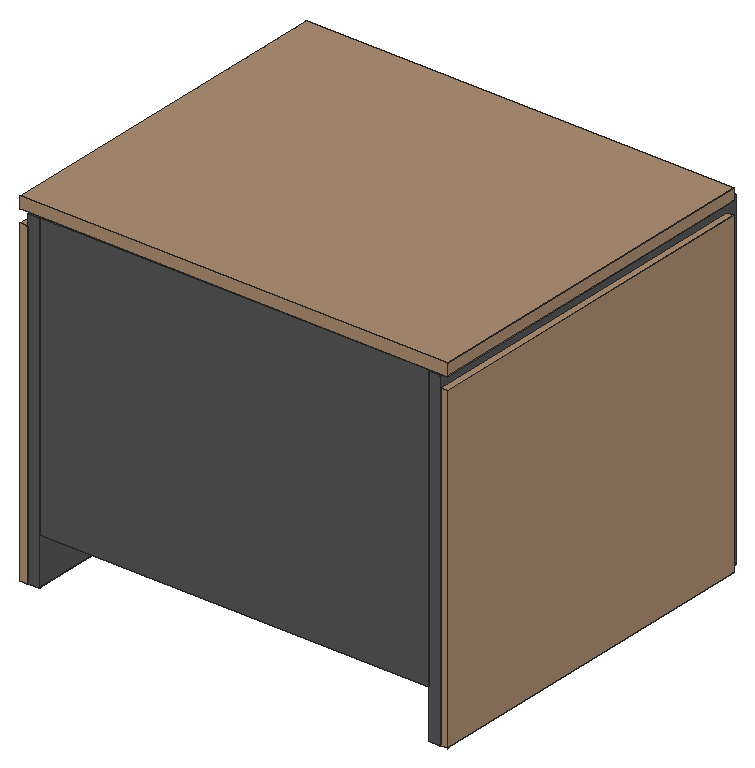
Revit family "Sanitary_Compound-Units_hansgrohe_54253XXX-Xilesa-E-Vanity-unit_580-470_1-drawer_wash-basin", category Furniture, host Face, Revit 2022
Family settings
  Host = Face
  OmniClass Number = 23.21.19.15.33.13
  OmniClass Title = Residential Bathroom Specialty Casework
  Cut with Voids When Loaded = No
  Render Appearance Source = Family Geometry
  Shared = No
  Room Calculation Point = No
Parameters (values of type "550 Cashmere Oak")
  Version = 1  # constant formula
  URL = "https://www.hansgrohe.com/"
  Product data url = "https://www.bimobject.com/en/hansgrohe/product/54253XXX"
  Product Page URL = "https://www.hansgrohe.com/articledetail--54253550"
  Model = "54253XXX"  # constant formula
  Material 3 = Hansgrohe - Metal - Black
  Material 2 = Hansgrohe - MDF - Matt Black
  Material 1 = Hansgrohe - MDF - 550 Cashmere Oak
  Manufacturer = "Hansgrohe"  # constant formula
  Height = 0 mm
  Description = "Xilesa E Vanity unit 580/470 with 1 drawer for wash basin"  # constant formula
  Default Elevation = 0 mm
  Date Updated = ""
  Date Created = "2024/02/03"  # constant formula
Types (5, lengths in mm): name | Material 1
  (no name) | Hansgrohe - MDF - 550 Cashmere Oak
  550 Cashmere Oak | Hansgrohe - MDF - 550 Cashmere Oak
  700 Matt White | Hansgrohe - MDF - 700 Matt White
  760 Slate Matt Grey | Hansgrohe - MDF - 760 Slate Matt Grey
  780 Sand Matt Beige | Hansgrohe - MDF - 780 Sand Matt Beige
Reference planes
  plane 1 "Center (Front/Back)": y = 0
  plane 2: z = 0
  plane 3 "Center (Left/Right)": x = 0
  plane 4: x = -290
  plane 5: x = 290
  plane 6: y = -500
  plane 7: z = 468
Dimensions and locks
  aligned and locked: plane 2 to host face
  aligned and locked: level to host face
Nested families
  nested 1: "54253XXX" at (0, -500, 0) x (1, 0, 0) z (0, 1, 0), Material 1 <- "Material 1", Material 2 <- "Material 2", Material 3 <- "Material 3", type "54253XXX"
    with Material 3 Hansgrohe - Metal - Black, Material 2 Hansgrohe - MDF - Matt Black, Material 1 Hansgrohe - MDF - 550 Cashmere Oak
Definition of nested family "54253XXX"
  Parameters (values of type "54253XXX")
    Version = 1  # constant formula
    URL = "https://www.hansgrohe.com/"
    Product data url = "https://www.bimobject.com/en/hansgrohe/product/54253XXX"
    Product Page URL = "https://www.hansgrohe.com/articledetail--54253550"
    Model = "54253XXX"  # constant formula
    Material 3 [instance] = none
    Material 2 [instance] = none
    Material 1 [instance] = none
    Manufacturer = "Hansgrohe"  # constant formula
    Description = "Xilesa E Vanity unit 580/470 with 1 drawer for wash basin"  # constant formula
    Default Elevation = 1219.2 mm
    Date Updated = ""
    Date Created = "2024/12/16"  # constant formula
  Reference planes
    plane 1 "Center (Front/Back)": y = 0
    plane 2: z = 0
    plane 3 "Center (Left/Right)": x = 0
  Forms (mm)
    Extrusion 1, solid, material <- "Material 1", detail levels medium+fine
      sketch origin (0, 0, 0) x (1, 0, 0) y (0, 1, 0)
        loop
          line (-280.6, 0) -> (-289.2, 0)
          arc (-289.2, 0) -> (-289.766, -0.234) -> (-290, -0.8) r 0.8
          line (-290, -0.8) -> (-290, -433.9)
          arc (-290, -433.9) -> (-289.766, -434.466) -> (-289.2, -434.7) r 0.8
          line (-289.2, -434.7) -> (-280.6, -434.7)
          arc (-280.6, -434.7) -> (-280.034, -434.466) -> (-279.8, -433.9) r 0.8
          line (-279.8, -433.9) -> (-279.8, -0.8)
          arc (-279.8, -0.8) -> (-280.034, -0.234) -> (-280.6, 0) r 0.8
        loop
          arc (280.6, 0) -> (280.034, -0.234) -> (279.8, -0.8) r 0.8
          line (279.8, -0.8) -> (279.8, -433.9)
          arc (279.8, -433.9) -> (280.034, -434.466) -> (280.6, -434.7) r 0.8
          line (280.6, -434.7) -> (289.2, -434.7)
          arc (289.2, -434.7) -> (289.766, -434.466) -> (290, -433.9) r 0.8
          line (290, -433.9) -> (290, -0.8)
          arc (290, -0.8) -> (289.766, -0.234) -> (289.2, 0) r 0.8
          line (289.2, 0) -> (280.6, 0)
      from 0 to 485
    Extrusion 2, solid, material <- "Material 1", detail levels medium+fine
      sketch origin (0, -90, 0) x (1, 0, 0) y (0, 1, 0)
        loop
          line (-289.2, -378) -> (289.2, -378)
          arc (289.2, -378) -> (289.766, -377.766) -> (290, -377.2) r 0.8
          line (290, -377.2) -> (290, -362.5)
          arc (290, -362.5) -> (289.766, -361.934) -> (289.2, -361.7) r 0.8
          line (289.2, -361.7) -> (-289.2, -361.7)
          arc (-289.2, -361.7) -> (-289.766, -361.934) -> (-290, -362.5) r 0.8
          line (-290, -362.5) -> (-290, -377.2)
          arc (-290, -377.2) -> (-289.766, -377.766) -> (-289.2, -378) r 0.8
      from 0 to 485
    Extrusion 3, solid, material <- "Material 2", detail levels medium+fine
      sketch origin (0, 0, 0) x (1, 0, 0) y (0, 1, 0)
        loop
          line (-279.8, -0.8) -> (-279.8, -448.9)
          arc (-279.8, -448.9) -> (-279.566, -449.466) -> (-279, -449.7) r 0.8
          line (-279, -449.7) -> (-264.6, -449.7)
          arc (-264.6, -449.7) -> (-264.034, -449.466) -> (-263.8, -448.9) r 0.8
          line (-263.8, -448.9) -> (-263.8, -0.8)
          arc (-263.8, -0.8) -> (-264.034, -0.234) -> (-264.6, 0) r 0.8
          line (-264.6, 0) -> (-279, 0)
          arc (-279, 0) -> (-279.566, -0.234) -> (-279.8, -0.8) r 0.8
        loop
          arc (279.8, -0.8) -> (279.566, -0.234) -> (279, 0) r 0.8
          line (279, 0) -> (264.6, 0)
          arc (264.6, 0) -> (264.034, -0.234) -> (263.8, -0.8) r 0.8
          line (263.8, -0.8) -> (263.8, -448.9)
          arc (263.8, -448.9) -> (264.034, -449.466) -> (264.6, -449.7) r 0.8
          line (264.6, -449.7) -> (279, -449.7)
          arc (279, -449.7) -> (279.566, -449.466) -> (279.8, -448.9) r 0.8
          line (279.8, -448.9) -> (279.8, -0.8)
      from 0 to 500
    Extrusion 4, solid, material <- "Material 2", detail levels fine
      sketch origin (0, 0, 0) x (1, 0, 0) y (0, 1, 0)
        loop
          line (-263.8, -65.2) -> (-263.8, -81.2) -> (263.8, -81.2) -> (263.8, -65.2) -> (-263.8, -65.2)
      from 17 to 125
    Extrusion 5, solid, material <- "Material 2", detail levels fine
      sketch origin (0, 0, 0) x (1, 0, 0) y (0, 1, 0)
        loop
          line (-263.8, -64.7) -> (-263.8, -449.7) -> (263.8, -449.7) -> (263.8, -64.7) -> (-263.8, -64.7)
      from 1 to 17
    Extrusion 6, solid, material <- "Material 3", detail levels fine
      sketch origin (0, -90, 0) x (1, 0, 0) y (0, 1, 0)
        loop
          line (-262.3, -356.9) -> (-262.3, -329.2) -> (-263.8, -329.2) -> (-263.8, -356.9)
          arc (-263.8, -356.9) -> (-263.126, -358.527) -> (-261.5, -359.2) r 2.3
          line (-261.5, -359.2) -> (261.5, -359.2)
          arc (261.5, -359.2) -> (263.126, -358.527) -> (263.8, -356.9) r 2.3
          line (263.8, -356.9) -> (263.8, -329.2) -> (262.3, -329.2) -> (262.3, -356.9)
          arc (262.3, -356.9) -> (262.066, -357.466) -> (261.5, -357.7) r 0.8
          line (261.5, -357.7) -> (-261.5, -357.7)
          arc (-261.5, -357.7) -> (-262.066, -357.466) -> (-262.3, -356.9) r 0.8
      from 449.5 to 499.5
    Extrusion 7, solid, material <- "Material 2", detail levels fine
      sketch origin (0, 0, 1) x (1, 0, 0) y (0, 0, 1)
        loop
          line (-172.898, 33.98) -> (172.898, 33.98) -> (222.898, 33.98) -> (222.898, 48.98) -> (-222.898, 48.98) -> (-222.898, 33.98) -> (-172.898, 33.98)
      from 108.7 to 451.7
    Extrusion 8, solid, material <- "Material 3", detail levels fine
      sketch origin (50, 0, 1) x (1, 0, 0) y (0, 0, 1)
        loop
          line (198.3, 213.03) -> (198.3, 231.03) -> (183.3, 231.03) -> (183.3, 224.03) -> (192.95, 224.03) -> (192.95, 213.03) -> (198.3, 213.03)
      from 88.7 to 362.7
    Extrusion 9, solid, material <- "Material 3", detail levels fine
      sketch origin (50, 0, 1) x (1, 0, 0) y (0, 0, 1)
        loop
          line (200.05, 211.28) -> (200.05, 232.78) -> (181.55, 232.78) -> (181.55, 211.28) -> (200.05, 211.28)
      from 451.7 to 362.7
    Extrusion 10, solid, material <- "Material 3", detail levels fine
      sketch origin (0, 0, 1) x (1, 0, 0) y (0, 0, 1)
        loop
          line (-242.5, 223.8) -> (-242.5, 113.608) -> (-248.2, 97.947) -> (-248.2, 48) -> (-219.9, 48) -> (-219.9, 223.8) -> (-242.5, 223.8)
        loop
          line (242.5, 223.8) -> (219.9, 223.8) -> (219.9, 48) -> (248.2, 48) -> (248.2, 97.947) -> (242.5, 113.608) -> (242.5, 223.8)
      from 91.9 to 109.4
    Extrusion 11, void
      sketch origin (0, 0, 1) x (1, 0, 0) y (0, 0, 1)
        loop
          line (-241.5, 222.8) -> (-241.5, 113.431) -> (-247.2, 97.771) -> (-247.2, 49) -> (-220.9, 49) -> (-220.9, 222.8) -> (-241.5, 222.8)
        loop
          line (241.5, 222.8) -> (220.9, 222.8) -> (220.9, 49) -> (247.2, 49) -> (247.2, 97.771) -> (241.5, 113.431) -> (241.5, 222.8)
      from 91.9 to 108.7
    Extrusion 12, solid, material <- "Material 2", detail levels fine
      sketch origin (0, 0, 1) x (0, 1, 0) y (0, 0, 1)
        loop
          line (-92.7, 34.48) -> (-92.7, 113.5)
          arc (-92.7, 113.5) -> (-92.847, 113.854) -> (-93.2, 114) r 0.5
          line (-93.2, 114) -> (-108.2, 114)
          arc (-108.2, 114) -> (-108.554, 113.854) -> (-108.7, 113.5) r 0.5
          line (-108.7, 113.5) -> (-108.7, 34.48)
          arc (-108.7, 34.48) -> (-108.554, 34.126) -> (-108.2, 33.98) r 0.5
          line (-108.2, 33.98) -> (-93.2, 33.98)
          arc (-93.2, 33.98) -> (-92.847, 34.126) -> (-92.7, 34.48) r 0.5
      from -220 to 220
    Extrusion 13, solid, material <- "Material 3", detail levels fine
      sketch origin (-50, 0, 1) x (-1, 0, 0) y (0, 0, -1)
        loop
          line (198.3, -213.03) -> (192.95, -213.03) -> (192.95, -224.03) -> (183.3, -224.03) -> (183.3, -231.03) -> (198.3, -231.03) -> (198.3, -213.03)
      from 88.7 to 362.7
    Extrusion 14, solid, material <- "Material 3", detail levels fine
      sketch origin (-50, 0, 1) x (-1, 0, 0) y (0, 0, -1)
        loop
          line (200.05, -211.28) -> (181.55, -211.28) -> (181.55, -232.78) -> (200.05, -232.78) -> (200.05, -211.28)
      from 451.7 to 362.7
    Extrusion 15, solid, material <- "Material 1", detail levels coarse
      sketch origin (0, 0, 0) x (1, 0, 0) y (0, 1, 0)
        loop
          line (-290, -468) -> (290, -468) -> (290, 0) -> (263.8, 0) -> (263.8, -451.7) -> (-263.8, -451.7) -> (-263.8, 0) -> (-290, 0) -> (-290, -468)
      from 0 to 500
    Extrusion 16, solid, material <- "Material 3", detail levels fine
      sketch origin (0, 0, 1) x (1, 0, 0) y (0, 0, 1)
        loop
          line (252.091, 33.98) -> (252.091, 115.48) -> (233.591, 115.48) -> (232.786, 100.114) -> (230.22, 99.98) -> (227.791, 53.623)
          arc (227.791, 53.623) -> (226.271, 50.325) -> (222.898, 48.98) r 4.9
          line (222.898, 48.98) -> (222.898, 33.98) -> (252.091, 33.98)
        loop
          line (-252.091, 33.98) -> (-222.898, 33.98) -> (-222.898, 48.98)
          arc (-222.898, 48.98) -> (-226.271, 50.325) -> (-227.791, 53.623) r 4.9
          line (-227.791, 53.623) -> (-230.22, 99.98) -> (-232.786, 100.114) -> (-233.591, 115.48) -> (-252.091, 115.48) -> (-252.091, 33.98)
      from 108.7 to 451.7
  Cuts and joins
    Extrusion 11 cuts Extrusion 10
  Lines and regions (mm)
    Masking region 1
      outline origin (0, 0, 0) x (1, 0, 0) y (0, 1, 0)
        loop
          line (-290, -0.8) -> (-290, -433.9)
          arc (-290, -433.9) -> (-289.766, -434.466) -> (-289.2, -434.7) r 0.8
          line (-289.2, -434.7) -> (-280.6, -434.7)
          arc (-280.6, -434.7) -> (-280.034, -434.466) -> (-279.8, -433.9) r 0.8
          line (-279.8, -433.9) -> (-279.8, -451.7) -> (-289.2, -451.7)
          arc (-289.2, -451.7) -> (-289.766, -451.934) -> (-290, -452.5) r 0.8
          line (-290, -452.5) -> (-290, -467.2)
          arc (-290, -467.2) -> (-289.766, -467.766) -> (-289.2, -468) r 0.8
          line (-289.2, -468) -> (0, -468) -> (289.2, -468)
          arc (289.2, -468) -> (289.766, -467.766) -> (290, -467.2) r 0.8
          line (290, -467.2) -> (290, -452.5)
          arc (290, -452.5) -> (289.766, -451.934) -> (289.2, -451.7) r 0.8
          line (289.2, -451.7) -> (279.8, -451.7) -> (279.8, -433.9)
          arc (279.8, -433.9) -> (280.034, -434.466) -> (280.6, -434.7) r 0.8
          line (280.6, -434.7) -> (289.2, -434.7)
          arc (289.2, -434.7) -> (289.766, -434.466) -> (290, -433.9) r 0.8
          line (290, -433.9) -> (290, -0.8)
          arc (290, -0.8) -> (289.766, -0.234) -> (289.2, 0) r 0.8
          line (289.2, 0) -> (280.6, 0)
          arc (280.6, 0) -> (280.034, -0.234) -> (279.8, -0.8) r 0.8
          arc (279.8, -0.8) -> (279.566, -0.234) -> (279, 0) r 0.8
          line (279, 0) -> (264.6, 0)
          arc (264.6, 0) -> (264.034, -0.234) -> (263.8, -0.8) r 0.8
          line (263.8, -0.8) -> (263.8, -65.2) -> (0, -65.2) -> (-263.8, -65.2) -> (-263.8, -0.8)
          arc (-263.8, -0.8) -> (-264.034, -0.234) -> (-264.6, 0) r 0.8
          line (-264.6, 0) -> (-279, 0)
          arc (-279, 0) -> (-279.566, -0.234) -> (-279.8, -0.8) r 0.8
          arc (-279.8, -0.8) -> (-280.034, -0.234) -> (-280.6, 0) r 0.8
          line (-280.6, 0) -> (-289.2, 0)
          arc (-289.2, 0) -> (-289.766, -0.234) -> (-290, -0.8) r 0.8
    Masking region 2
      outline origin (0, 0, 0) x (0, 1, 0) y (0, 0, 1)
        loop
          line (-449.7, 500) -> (-449.7, 233.78) -> (-451.7, 233.78) -> (-451.7, 485) -> (-468, 485) -> (-468, 0) -> (-451.7, 0) -> (-451.7, 34.98) -> (-449.7, 34.98) -> (-449.7, 0) -> (0, 0) -> (0, 500) -> (-449.7, 500)
    Masking region 3
      outline origin (0, 0, 0) x (1, 0, 0) y (0, 0, 1)
        loop
          line (-290, 485) -> (-290, 0) -> (0, 0) -> (290, 0) -> (290, 485) -> (279.8, 485) -> (279.8, 500) -> (0, 500) -> (-279.8, 500) -> (-279.8, 485) -> (-290, 485)
    symbolic lines, detail levels medium+fine
      curve 1: line (-279.8, -451.7, 0) -> (0, -451.7, 0)
      curve 2: line (-263.8, -65.2, 0) -> (-263.8, -451.7, 0)
      curve 3: line (-279.8, -0.8, 0) -> (-279.8, -433.9, 0)
      curve 4: line (-263.8, -81.2, 0) -> (0, -81.2, 0)
      curve 25: line (279.8, -451.7, 0) -> (0, -451.7, 0)
      curve 26: line (263.8, -65.2, 0) -> (263.8, -451.7, 0)
      curve 27: line (279.8, -0.8, 0) -> (279.8, -433.9, 0)
      curve 28: line (263.8, -81.2, 0) -> (0, -81.2, 0)
      curve 49: line (0, -451.7, 34.98) -> (0, -451.7, 233.78)
      curve 50: line (0, -449.7, 233.78) -> (0, -449.7, 34.98)
      curve 53: line (0, -451.7, 211.28) -> (0, -449.7, 211.28)
      curve 54: line (0, -451.7, 116.48) -> (0, -449.7, 116.48)
      curve 55: line (-279.8, 0, 485) -> (279.8, 0, 485)
      curve 56: line (-263.8, 0, 500) -> (-263.8, 0, 485)
      curve 57: line (263.8, 0, 500) -> (263.8, 0, 485)
    symbolic lines, detail levels fine
      curve 5: line (-252.091, -81.2, 0) -> (-252.091, -447.7, 0)
      curve 6: line (-230.22, -81.2, 0) -> (-230.22, -91.9, 0)
      curve 7: line (0, -91.9, 0) -> (-233.3, -91.9, 0)
      curve 8: line (-233.3, -109.4, 0) -> (0, -109.4, 0)
      curve 9: line (-248.3, -88.7, 0) -> (-248.3, -361.7, 0)
      curve 10: line (-233.3, -88.7, 0) -> (-248.3, -88.7, 0)
      curve 11: line (-250.05, -361.7, 0) -> (-250.05, -447.7, 0)
      curve 12: line (-250.05, -361.7, 0) -> (-231.55, -361.7, 0)
      curve 13: line (-231.55, -361.7, 0) -> (-231.55, -447.7, 0)
      curve 14: line (0, -447.7, 0) -> (-261.5, -447.7, 0)
      curve 15: arc (-261.5, -447.7, 0) -> (-262.066, -447.466, 0) -> (-262.3, -446.9, 0) r 0.8
      curve 16: line (-262.3, -446.9, 0) -> (-262.3, -419.2, 0)
      curve 17: line (-262.3, -419.2, 0) -> (-263.8, -419.2, 0)
      curve 18: arc (-263.8, -446.9, 0) -> (-263.126, -448.527, 0) -> (-261.5, -449.2, 0) r 2.3
      curve 19: line (-261.5, -449.2, 0) -> (0, -449.2, 0)
      curve 20: line (-252.091, -449.2, 0) -> (-252.091, -451.7, 0)
      curve 21: line (-250.05, -449.2, 0) -> (-250.05, -451.7, 0)
      curve 22: line (-233.3, -361.7, 0) -> (-233.3, -88.7, 0)
      curve 23: line (-231.55, -449.2, 0) -> (-231.55, -451.7, 0)
      curve 24: line (-230.22, -449.2, 0) -> (-230.22, -451.7, 0)
      curve 29: line (252.091, -81.2, 0) -> (252.091, -447.7, 0)
      curve 30: line (230.22, -81.2, 0) -> (230.22, -91.9, 0)
      curve 31: line (0, -91.9, 0) -> (233.3, -91.9, 0)
      curve 32: line (233.3, -109.4, 0) -> (0, -109.4, 0)
      curve 33: line (248.3, -88.7, 0) -> (248.3, -361.7, 0)
      curve 34: line (233.3, -88.7, 0) -> (248.3, -88.7, 0)
      curve 35: line (250.05, -361.7, 0) -> (250.05, -447.7, 0)
      curve 36: line (250.05, -361.7, 0) -> (231.55, -361.7, 0)
      curve 37: line (231.55, -361.7, 0) -> (231.55, -447.7, 0)
      curve 38: line (0, -447.7, 0) -> (261.5, -447.7, 0)
      curve 39: arc (261.5, -447.7, 0) -> (262.066, -447.466, 0) -> (262.3, -446.9, 0) r 0.8
      curve 40: line (262.3, -446.9, 0) -> (262.3, -419.2, 0)
      curve 41: line (262.3, -419.2, 0) -> (263.8, -419.2, 0)
      curve 42: arc (263.8, -446.9, 0) -> (263.126, -448.527, 0) -> (261.5, -449.2, 0) r 2.3
      curve 43: line (261.5, -449.2, 0) -> (0, -449.2, 0)
      curve 44: line (252.091, -449.2, 0) -> (252.091, -451.7, 0)
      curve 45: line (250.05, -449.2, 0) -> (250.05, -451.7, 0)
      curve 46: line (233.3, -361.7, 0) -> (233.3, -88.7, 0)
      curve 47: line (231.55, -449.2, 0) -> (231.55, -451.7, 0)
      curve 48: line (230.22, -449.2, 0) -> (230.22, -451.7, 0)
      curve 51: line (0, 0, 485) -> (0, -434.7, 485)
      curve 52: line (0, -434.7, 485) -> (0, -434.7, 0)
      curve 58: line (-230.22, -109.4, 0) -> (-230.22, -447.7, 0)
      curve 59: line (230.22, -109.4, 0) -> (230.22, -447.7, 0)
  Dimensions and locks
    aligned and locked: level to plane 2
